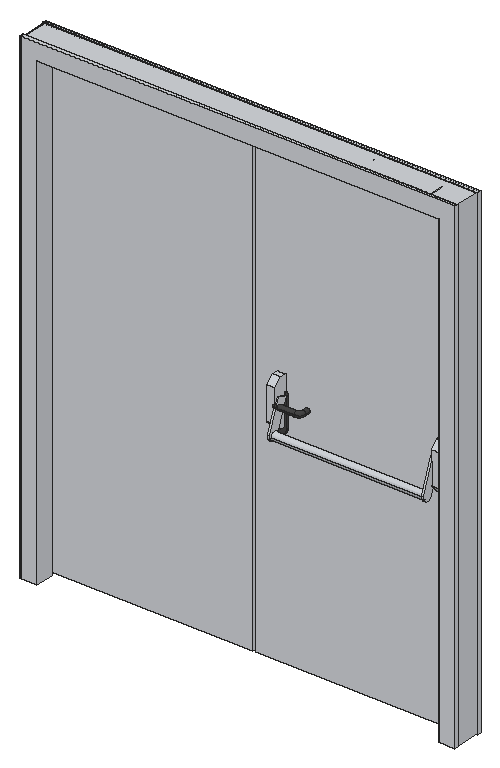
Revit family "Gamme technique 2V - TUNNEL", category Portes, Revit 2020
Family settings
  Basée sur le plan de construction = Non
  Toujours verticalement = Oui
  Couper avec des vides une fois chargée = Non
  Partagée = Non
  Point de calcul de pièce = Non
Parameters (values of type "Technique acoustique 46dB 2V - 1800 x 2100")
  Largeur Réservation = 1956 mm
  Hauteur Réservation = 2178 mm
  FP DC340 Bras - OP [instance] = yes
  Elévation par défaut = 0 mm
  Définir les propriétés thermiques par = Type schématique
  Construction analytique = "<Aucun>"
  Béquille P1F - OP [instance] = yes
  Béquille P1F - CP [instance] = yes
  Barre Antipanique CROSS [instance] = yes
Reference planes
  plane 1 "Centre (avant/arrière)": y = 0
  plane 2: z = 0
  plane 3 "Centre (gauche/droite)": x = 0
  plane 4: x = -978
  plane 5: x = 978
  plane 6 "Hauteur Réservation": z = 2178
  plane 7 "Hauteur Vantail": z = 2114
  plane 8 "Niveau Bas du Vantail": z = 10
  plane 9 "Hauteur Aile de recouvrement": z = 2136
  plane 10 "Hauteur béquille": z = 1069
  plane 11 "Niveau Bas Paumelle du bas": z = 42
  plane 12 "Niveau Bas Paumelle du milieu": z = 991
  plane 13 "Niveau Bas paumelle du Haut": z = 1909
  plane 14 "Niveau haut surépaisseur EI120": z = 2094
  plane 15 "Niv haut aile de recouvrement": z = 2114
Forms (mm)
  Sweep 1, solid
    path origin (0, 0, 0) x (1, 0, 0) y (0, 0, 1)
      loop
        line (-978, 0) -> (-978, 2178) -> (978, 2178) -> (978, 0)
    profile origin (-978, 0, 1089) x (-1, 0, 0) y (0, -1, 0)
      loop
        line (-14.615, 38.527) -> (-14.615, 40.027) -> (-10.115, 40.027) -> (-10.115, 150.027) -> (-14.615, 150.027) -> (-14.615, 151.527) -> (-6.115, 151.527) -> (-6.115, 163.527) -> (-78.115, 163.527) -> (-78.115, 86.027) -> (-58.115, 86.027) -> (-58.115, 26.527) -> (-6.115, 26.527) -> (-6.115, 38.527) -> (-14.615, 38.527)
      loop
        line (-8.615, 150.027) -> (-4.615, 150.027) -> (-4.615, 165.027) -> (-79.615, 165.027) -> (-79.615, 84.527) -> (-77.049, 84.527) -> (-77.049, 83.34)
        arc (-77.049, 83.34) -> (-70.19, 79.962) -> (-62.545, 79.967) r 16.827
        line (-62.545, 79.967) -> (-62.545, 80.902)
        arc (-62.545, 80.902) -> (-67.868, 81.27) -> (-72.787, 83.34) r 16.277
        line (-72.787, 83.34) -> (-62.545, 83.34) -> (-62.545, 84.527) -> (-61.115, 84.527) -> (-61.115, 70.527) -> (-59.615, 70.527) -> (-59.615, 45.895) -> (-61.115, 45.895)
        arc (-61.115, 45.895) -> (-64.494, 39.036) -> (-64.489, 31.391) r 16.827
        line (-64.489, 31.391) -> (-63.553, 31.391)
        arc (-63.553, 31.391) -> (-63.185, 36.715) -> (-61.115, 41.633) r 16.277
        line (-61.115, 41.633) -> (-61.115, 31.391) -> (-59.615, 31.391) -> (-59.615, 25.027) -> (-4.615, 25.027) -> (-4.615, 40.027) -> (-8.615, 40.027) -> (-8.615, 150.027)
  Extrusion 2, solid
    sketch origin (512.672, -0.165, 0) x (1, 0, 0) y (0, 1, 0)
      loop
        line (-1445.672, 0) -> (-1445.672, -25) -> (-1425.672, -25) -> (-1425.672, -80) -> (-512.116, -80) -> (-512.116, -60) -> (-482.116, -60) -> (-482.116, -15) -> (-450.116, -15) -> (-450.116, 0) -> (-1445.672, 0)
    from 10 to 2114
  Extrusion 3, solid
    sketch origin (101.752, -0.09, 0) x (-1, 0, 0) y (0, -1, 0)
      loop
        line (-811.511, 79.91) -> (-811.511, 24.91) -> (-831.511, 24.91) -> (-831.511, -0.09) -> (28.024, -0.09) -> (28.024, 19.91) -> (58.024, 19.91) -> (58.024, 64.91) -> (90.024, 64.91) -> (90.024, 79.91) -> (-811.511, 79.91)
    from 10 to 2114
  Extrusion 4, solid
    sketch origin (0, 0, 2114) x (1, 0, 0) y (0, 1, 0)
      loop
        line (-15, -1.506) -> (-15, 0) -> (0, 0) -> (0, 3.494) -> (-40, 3.494) -> (-40, -1.506) -> (-15, -1.506)
    from 0 to 22.26
Cuts and joins
  joined: Extrusion 3, Extrusion 4
Dimensions and locks
  equal spacing: plane 4, plane 3 "Centre (gauche/droite)", plane 5
  "Largeur Réservation": plane 4 to plane 5
  "Hauteur Réservation": plane 6 "Hauteur Réservation" to level
  locked: plane 8 "Niveau Bas du Vantail" to level at 10
  locked: plane 6 "Hauteur Réservation" to plane 7 "Hauteur Vantail" at 64
  locked: plane 6 "Hauteur Réservation" to plane 9 "Hauteur Aile de recouvrement" at 42
  locked: plane 10 "Hauteur béquille" to level at 1069
  locked: plane 11 "Niveau Bas Paumelle du bas" to level at 42
  locked: plane 12 "Niveau Bas Paumelle du milieu" to level at 991
  locked: plane 13 "Niveau Bas paumelle du Haut" to level at 1909
  locked: nested 1 to plane 10 "Hauteur béquille" at 104
  locked: nested 2 to plane 6 "Hauteur Réservation" at 10
  locked: plane 14 "Niveau haut surépaisseur EI120" to plane 6 "Hauteur Réservation" at 84
  locked: plane 15 "Niv haut aile de recouvrement" to plane 6 "Hauteur Réservation" at 64
  locked: profile plane to Sweep 1 sketch curve at 4.615
  locked: cut or joined group of Extrusion 3, Extrusion 4 to cut or joined group of Extrusion 3, Extrusion 4 at 20
  cut or joined group of Extrusion 3, Extrusion 4 to cut or joined group of Extrusion 3, Extrusion 4 to cut or joined group of Extrusion 3, Extrusion 4 = 32 mm locked, 30 mm locked
  Extrusion 2 sketch curve to Extrusion 2 sketch curve to Extrusion 2 sketch curve = 30 mm locked, 32 mm locked
  locked: Extrusion 2 sketch curve to Extrusion 2 sketch curve at 20
  locked: Sweep 1 sketch curve to profile plane at 25.027
  locked: cut or joined group of Extrusion 3, Extrusion 4 to plane 5 at 44.737
  locked: plane 4 to Extrusion 2 at 45
  locked: nested 2 to plane 5 at 439.499
  aligned and locked: level to plane 2
  aligned and locked: plane 4 to Sweep 1 sketch curve
  aligned and locked: Sweep 1 sketch curve to plane 6 "Hauteur Réservation"
  aligned and locked: Sweep 1 sketch curve to plane 5
  aligned and locked: level to Sweep 1 sketch curve  (x2)
  aligned and locked: Extrusion 2 to plane 8 "Niveau Bas du Vantail"
  aligned and locked: plane 7 "Hauteur Vantail" to Extrusion 2
  aligned and locked: plane 7 "Hauteur Vantail" to cut or joined group of Extrusion 3, Extrusion 4
Automatic sketch dimensions
  plane 4 to Extrusion 2 sketch curve = 45 mm
  plane 3 "Centre (gauche/droite)" to Extrusion 2 sketch curve = 0.556 mm
  plane 1 "Centre (avant/arrière)" to Extrusion 2 sketch curve = 80.165 mm
  Extrusion 2 sketch curve to Extrusion 2 sketch curve = 20 mm
  plane 1 "Centre (avant/arrière)" to Extrusion 2 sketch curve = 25.165 mm
  plane 1 "Centre (avant/arrière)" to Extrusion 2 sketch curve = 15.165 mm
  plane 1 "Centre (avant/arrière)" to Extrusion 2 sketch curve = 0.165 mm
  plane 1 "Centre (avant/arrière)" to Extrusion 4 sketch curve = 0 mm
  Extrusion 4 sketch curve to plane 3 "Centre (gauche/droite)" = 0 mm
  Extrusion 4 sketch curve to plane 3 "Centre (gauche/droite)" = 15 mm
  Extrusion 4 sketch curve to plane 1 "Centre (avant/arrière)" = 3.494 mm
  Extrusion 4 sketch curve to Extrusion 4 sketch curve = 25 mm
  plane 1 "Centre (avant/arrière)" to Extrusion 4 sketch curve = 1.506 mm
  plane 1 "Centre (avant/arrière)" to Extrusion 3 sketch curve = 0 mm
  plane 5 to Extrusion 3 sketch curve = 44.737 mm
  Extrusion 3 sketch curve to Extrusion 3 sketch curve = 20 mm
  Extrusion 3 sketch curve to plane 3 "Centre (gauche/droite)" = 73.728 mm
  Extrusion 3 sketch curve to Extrusion 3 sketch curve = 30 mm
  Extrusion 3 sketch curve to Extrusion 3 sketch curve = 32 mm
  Extrusion 3 sketch curve to plane 1 "Centre (avant/arrière)" = 20 mm
  Extrusion 3 sketch curve to Extrusion 3 sketch curve = 25 mm
  Extrusion 3 sketch curve to Extrusion 3 sketch curve = 45 mm
  Extrusion 3 sketch curve to Extrusion 3 sketch curve = 55 mm
  Sweep 1 sketch curve to Sweep 1 sketch curve = 1.5 mm  (x15)
  profile plane to Sweep 1 sketch curve = 6.115 mm
  Sweep 1 sketch curve to Sweep 1 sketch curve = 2.5 mm
  Sweep 1 sketch curve to Sweep 1 sketch curve = 4.5 mm  (x2)
  Sweep 1 sketch curve to Sweep 1 sketch curve = 32.736 mm
  Sweep 1 sketch curve to Sweep 1 sketch curve = 0.753 mm
  Sweep 1 sketch curve to Sweep 1 sketch curve = 10.764 mm
  Sweep 1 sketch curve to Sweep 1 sketch curve = 1.43 mm
  Sweep 1 sketch curve to Sweep 1 sketch curve = 0 mm  (x4)
  Sweep 1 sketch curve to Sweep 1 sketch curve = 2.438 mm  (x2)
  Sweep 1 sketch curve to Sweep 1 sketch curve = 5.984 mm
  Sweep 1 sketch curve to Sweep 1 sketch curve = 0.935 mm  (x2)
  Sweep 1 sketch curve to Sweep 1 sketch curve = 2.279 mm  (x2)
  Sweep 1 sketch curve to Sweep 1 sketch curve = 10.242 mm
  Sweep 1 sketch curve to Sweep 1 sketch curve = 4.262 mm
  Sweep 1 sketch curve to Sweep 1 sketch curve = 63.5 mm
  Sweep 1 sketch curve to Sweep 1 sketch curve = 4.864 mm
  Sweep 1 sketch curve to Sweep 1 sketch curve = 1.554 mm
  Sweep 1 sketch curve to Sweep 1 sketch curve = 12 mm  (x2)
  Sweep 1 sketch curve to Sweep 1 sketch curve = 24.632 mm
  Sweep 1 sketch curve to Sweep 1 sketch curve = 9.44 mm
  Sweep 1 sketch curve to Sweep 1 sketch curve = 1.186 mm  (x2)
  Sweep 1 sketch curve to Sweep 1 sketch curve = 52.922 mm
Nested families
  nested 1: "Barre antipanique CROSS-bis" at (128.501, -80, 965), visible <- "Barre Antipanique CROSS", type "Barre antipanique CROSS-bis"
    with Longueur Tube/Barre 800 mm, Longeur tube 680 mm, Lg entre manoeuvre 680 mm, Lg Tube 680 mm
  nested 2: "Ferme-porte DC340 - Montage Opposé Paumelles" at (846.501, -80, 2099), visible <- "FP DC340 Bras - OP", type "Ferme-porte DC340 - Montage Opposé Paumelles"
  nested 3: "Béquille Nylon Premium" at (128.501, 0, 1023) x (-1, 0, 0) z (0, 0, 1), visible <- "Béquille P1F - CP", type "Béquille Nylon Premium"
    with Nylon noir Materiel Béquille Standard
  nested 4: "Béquille Nylon Premium" at (134.001, -80, 1023) x (-1, 0, 0) z (0, 0, 1), visible <- "Béquille P1F - OP", type "Béquille Nylon Premium"
    with Nylon noir Materiel Béquille Standard
Definition of nested family "Barre antipanique CROSS-bis"
  Parameters (values of type "Barre antipanique CROSS-bis")
    Longueur barre = Largeur entre manoeuvre - 20 mm  # 680 mm
    Longueur Tube/Barre [instance] = 800 mm
    Longeur tube [instance] = 680 mm
    Lg entre manoeuvre [instance] = 680 mm
    Lg Tube [instance] = Lg entre manoeuvre  # 680 mm
    Largeur entre manoeuvre = 700 mm
    Default Elevation = 0 mm
  Reference planes
    plane 1 "Centre (avant/arrière)": y = 0
    plane 2: z = 0
    plane 3 "Centre (gauche/droite)": x = 0
    plane 4 "Plan manoeuvre BAP": x = -18
    plane 5 "Plan Bras Manoeuvre": x = 18
    plane 6 "Plan Barre BAP": x = 28
  Forms (mm)
    Extrusion 1, solid
      sketch origin (-18, 0, 0) x (0, 1, 0) y (0, 0, 1)
        loop
          line (0, 0) -> (30, 0) -> (60, 30) -> (60, 178) -> (30, 208) -> (0, 208) -> (0, 0)
      from 0 to 36
    Extrusion 2, solid
      sketch origin (-18, 0, 0) x (0, 1, 0) y (0, 0, 1)
        loop
          line (0, 0) -> (30, 0) -> (60, 30) -> (60, 178) -> (30, 208) -> (0, 208) -> (0, 0)
      from 736 to 772.294
    Extrusion 3, solid
      sketch origin (18, 0, 0) x (0, -1, 0) y (0, 0, 1)
        loop
          arc (-99.794, 6.84) -> (-87.84, -18.794) -> (-62.206, -6.84) r 20
          line (-62.206, -6.84) -> (-12.613, 129.415) -> (-50.201, 143.096) -> (-99.794, 6.84)
      from 0 to -10
    Extrusion 4, solid
      sketch origin (708, 0, 0) x (0, 1, 0) y (0, 0, 1)
        loop
          line (12.613, 129.415) -> (62.206, -6.84)
          arc (62.206, -6.84) -> (87.84, -18.794) -> (99.794, 6.84) r 20
          line (99.794, 6.84) -> (50.201, 143.096) -> (12.613, 129.415)
      from 0 to 10
    Sweep 5, solid
      path origin (0, 0, 0) x (1, 0, 0) y (0, 1, 0)
        loop
          line (28, 81) -> (708, 81)
      profile origin (368, 81, 0) x (0, 1, 0) y (0, 0, 1)
        loop
          circle (0, 0) r 17.5
  Dimensions and locks
    locked: Extrusion 1 sketch curve to Extrusion 1 sketch curve at 60
    locked: Extrusion 1 sketch curve to Extrusion 1 sketch curve at 208
    plane 1 "Centre (avant/arrière)" to Extrusion 1 sketch curve = 0 mm
    locked: Extrusion 1 sketch curve to Extrusion 1 sketch curve at 30  (x2)
    locked: plane 4 "Plan manoeuvre BAP" to plane 3 "Centre (gauche/droite)" at 18
    locked: Extrusion 2 sketch curve to Extrusion 1 at 30
    locked: Extrusion 1 to Extrusion 2 sketch curve at 30
    Extrusion 1 to Extrusion 2 sketch curve = 30 mm
    locked: Extrusion 2 to Extrusion 2 at 36.294
    locked: plane 4 "Plan manoeuvre BAP" to plane 5 "Plan Bras Manoeuvre" at 36
    plane 1 "Centre (avant/arrière)" to Extrusion 3 sketch curve = 81 mm
    Extrusion 3 sketch curve to Extrusion 2 = 0 mm
    locked: Extrusion 3 sketch curve to Extrusion 3 sketch curve at 165
    locked: Extrusion 3 sketch curve to Extrusion 3 sketch curve at 40
    plane 1 "Centre (avant/arrière)" to Extrusion 4 sketch curve = 81 mm
    level to Extrusion 4 sketch curve = 0 mm
    locked: plane 5 "Plan Bras Manoeuvre" to plane 6 "Plan Barre BAP" at 10
    "Longueur barre": Sweep 5 sketch curve to Sweep 5 sketch curve
    plane 1 "Centre (avant/arrière)" to Sweep 5 sketch curve = 81 mm
    locked: Sweep 5 sketch curve to level
    locked: plane 1 "Centre (avant/arrière)" to Sweep 5 sketch curve at 81
    locked: Extrusion 1 to Extrusion 3
    locked: Extrusion 4 to Extrusion 2 at 10
    locked: Extrusion 1 to Extrusion 3 at 10
    locked: Sweep 5 to Extrusion 3
    Sweep 5 sketch curve to plane 6 "Plan Barre BAP" = 0 mm
    locked: Extrusion 1 to Extrusion 1 at 36
    locked: Extrusion 1 to plane 4 "Plan manoeuvre BAP"
    locked: plane 6 "Plan Barre BAP" to Sweep 5
    Extrusion 3 to Extrusion 4 = 680 mm
    locked: Extrusion 4 to Extrusion 2
    locked: Extrusion 4 to Sweep 5
    aligned and locked: level to plane 2
  Automatic sketch dimensions
    Extrusion 1 sketch curve to level = 0 mm
    level to Extrusion 1 sketch curve = 30 mm
    Extrusion 1 sketch curve to Extrusion 1 sketch curve = 30 mm
    Extrusion 2 sketch curve to level = 0 mm
    Extrusion 2 sketch curve to plane 1 "Centre (avant/arrière)" = 0 mm
    Extrusion 2 sketch curve to Extrusion 2 sketch curve = 30 mm  (x3)
    Extrusion 3 sketch curve to plane 1 "Centre (avant/arrière)" = 12.613 mm
    level to Extrusion 3 sketch curve = 6.84 mm
    Extrusion 3 sketch curve to level = 6.84 mm
    Extrusion 4 sketch curve to plane 1 "Centre (avant/arrière)" = 12.613 mm
    Extrusion 4 sketch curve to Extrusion 4 sketch curve = 13.681 mm
    Extrusion 4 sketch curve to level = 6.84 mm
    level to Extrusion 4 sketch curve = 6.84 mm
    radius of Extrusion 4 sketch curve = 20 mm
    radius of Sweep 5 sketch curve = 17.5 mm
Definition of nested family "Ferme-porte DC340 - Montage Opposé Paumelles"
  Parameters
    Default Elevation = 0 mm
  Reference planes
    plane 1 "Centre (avant/arrière)": y = 0
    plane 2: z = 0
    plane 3 "Centre (gauche/droite)": x = 0
    plane 4 "Niveau Haut du corps": z = 69
    plane 5 "Niveau bas du rail": z = 82
  Forms (mm)
    Extrusion 1, solid
      sketch origin (0, 0, 0) x (1, 0, 0) y (0, 1, 0)
        loop
          line (0, -63) -> (0, 0) -> (-308, 0) -> (-308, -63) -> (0, -63)
      from 0 to 69
  Dimensions and locks
    locked: Extrusion 1 sketch curve to Extrusion 1 sketch curve at 308
    locked: Extrusion 1 sketch curve to Extrusion 1 sketch curve at 63
    locked: plane 4 "Niveau Haut du corps" to plane 2 at 69
    locked: plane 5 "Niveau bas du rail" to level at 82
    locked: Extrusion 1 sketch curve to plane 1 "Centre (avant/arrière)"
    aligned and locked: level to plane 2
    aligned and locked: Extrusion 1 sketch curve to plane 3 "Centre (gauche/droite)"
Definition of nested family "Béquille Nylon Premium"
  Parameters (values of type "Béquille Nylon Premium")
    Nylon noir [instance] = none
    Default Elevation = 0 mm
  Reference planes
    plane 1 "Centre (avant/arrière)": y = 0
    plane 2: z = 0
    plane 3 "Centre (gauche/droite)": x = 0
  Forms (mm)
    Extrusion 1, solid, material <- "Nylon noir"
      sketch origin (0, 0, 0) x (1, 0, 0) y (0, 0, 1)
        loop
          line (-23, 66) -> (-23, -66)
          arc (-23, -66) -> (0, -89) -> (23, -66) r 23
          line (23, -66) -> (23, 66)
          arc (23, 66) -> (0, 89) -> (-23, 66) r 23
      from 0 to 9
    Extrusion 2, void
      sketch origin (0, 0, 0) x (1, 0, 0) y (0, 0, 1)
        loop
          line (5.5, -46) -> (5.5, -33.124)
          arc (5.5, -33.124) -> (0, -17) -> (-5.5, -33.124) r 9
          line (-5.5, -33.124) -> (-5.5, -46)
          arc (-5.5, -46) -> (0, -51.5) -> (5.5, -46) r 5.5
      from -4.814 to 18.923
    Sweep 3, solid, material <- "Nylon noir"
      path origin (0, 0, 0) x (1, 0, 0) y (0, 1, 0)
        loop
          line (0, -9) -> (0, -38)
          arc (0, -38) -> (-4.686, -49.314) -> (-16, -54) r 16
          line (-16, -54) -> (-104, -54)
          arc (-104, -54) -> (-115.314, -49.314) -> (-120, -38) r 16
          line (-120, -38) -> (-120, -15.013)
      profile origin (0, -23.5, 0) x (1, 0, 0) y (0, 0, 1)
        loop
          circle (0, 46) r 11
  Cuts and joins
    Extrusion 2 cuts Extrusion 1
  Dimensions and locks
    locked: plane 3 "Centre (gauche/droite)" to Extrusion 1 sketch curve at 23
    Extrusion 1 sketch curve to plane 3 "Centre (gauche/droite)" = 23 mm
    locked: Sweep 3 sketch curve to cut or joined group of Extrusion 1, Extrusion 2 at 45
    locked: Sweep 3 sketch curve to Sweep 3 sketch curve at 120
    Sweep 3 sketch curve to Sweep 3 sketch curve = 16 mm  (x4)
    locked: Sweep 3 sketch curve to cut or joined group of Extrusion 1, Extrusion 2
    Sweep 3 sketch curve to Sweep 3 sketch curve = 38.987 mm
    locked: level to Sweep 3 at 46
    locked: cut or joined group of Extrusion 1, Extrusion 2 to level at 46
    aligned and locked: level to plane 2
